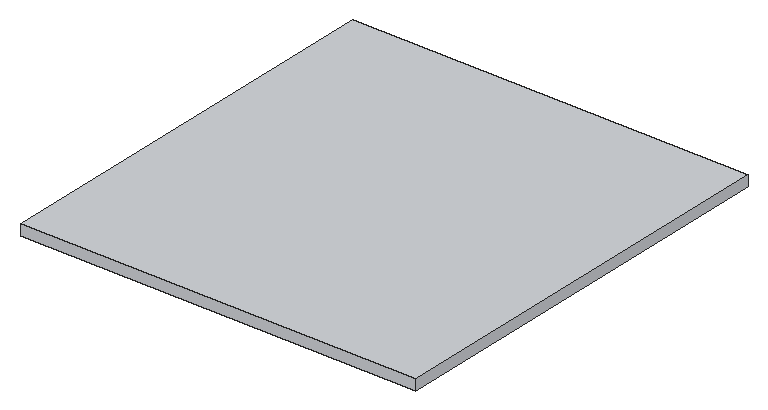
Revit family "Cab_Shelf", category Generic Models, Revit 2019
Family settings
  Can host rebar = No
  Round Connector Dimension = Use Diameter
  Part Type = Normal
  Work Plane-Based = No
  Always vertical = Yes
  Cut with Voids When Loaded = No
  Shared = No
  Room Calculation Point = No
Parameters
  oWctrl = 0' - 0"
  oW = 2' - 4"
  oHctrl = 0' - 0"
  oH = 0' - 0 3/4"
  oDctrl = 0' - 0"
  oD = 2' - 5.40678"
Reference planes (in)
  plane 1 "Center (Front/Back)": y = 0
  plane 2: z = 0
  plane 3 "Center (Left/Right)": x = 0
  plane 4: y = -29.40678
  plane 5: x = -14
  plane 6: x = 14
  plane 7: z = -0.75
Forms (in)
  Sweep 1, solid
    path origin (0, 0, 0) x (1, 0, 0) y (0, 1, 0)
      loop
        line (0, -29.40678) -> (0, 0)
    profile origin (0, -14.70339, 0) x (-1, 0, 0) y (0, 0, 1)
      loop
        line (14, 0) -> (-14, 0) -> (-14, -0.75) -> (14, -0.75) -> (14, 0)
Dimensions and locks (in)
  equal spacing: plane 5, plane 3 "Center (Left/Right)", plane 6
  "oD": plane 4 to plane 1 "Center (Front/Back)"
  "oW": plane 5 to plane 6
  "oH": level to plane 7
  aligned and locked: plane 2 to level
  aligned and locked: plane 1 "Center (Front/Back)" to Sweep 1 sketch curve
  aligned and locked: plane 4 to Sweep 1 sketch curve
  aligned and locked: plane 3 "Center (Left/Right)" to Sweep 1 sketch curve
  aligned and locked: Sweep 1 sketch curve to plane 6
  aligned and locked: Sweep 1 sketch curve to plane 5
  aligned and locked: Sweep 1 sketch curve to level
  aligned and locked: plane 7 to Sweep 1 sketch curve
